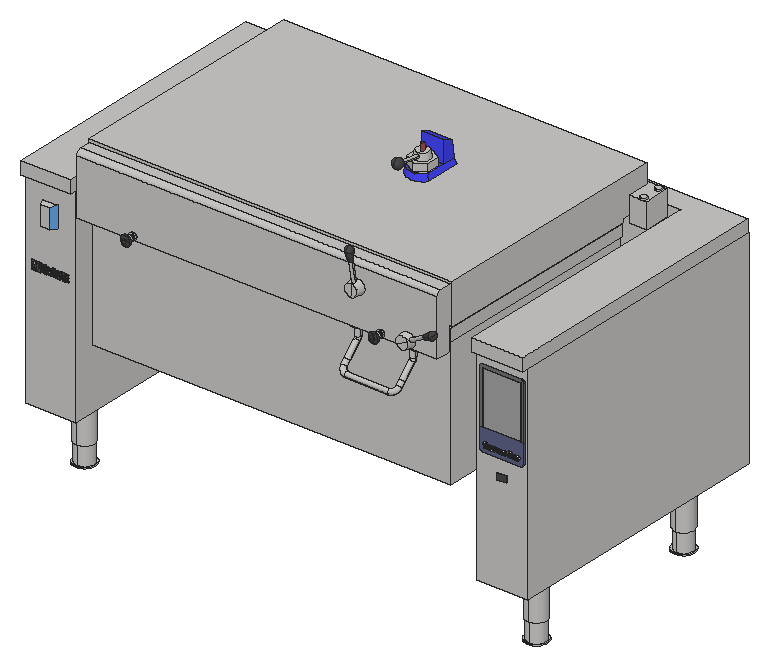
Revit family "QF_ELECTROLUXPROFESSIONAL_587144_PUET10ECIO", category Attrezzature speciali, Revit 2020 (continued)
Definition of nested family "QF_ELECTROLUXPROFESSIONAL_PUETNB900_LEFT"
  Automatic sketch dimensions
    Extrusion 4 sketch curve to Extrusion 4 sketch curve = 2.136 mm  (x2)
    Extrusion 4 sketch curve to Extrusion 4 sketch curve = 2.352 mm  (x2)
    Extrusion 4 sketch curve to Extrusion 4 sketch curve = 3.797 mm
    Extrusion 4 sketch curve to Extrusion 4 sketch curve = 1.528 mm
    Extrusion 4 sketch curve to Extrusion 4 sketch curve = 1.476 mm  (x2)
    Extrusion 4 sketch curve to Extrusion 4 sketch curve = 1.469 mm  (x2)
    Extrusion 4 sketch curve to Extrusion 4 sketch curve = 3.728 mm
    Extrusion 4 sketch curve to Extrusion 4 sketch curve = 0.046 mm
    Extrusion 4 sketch curve to Extrusion 4 sketch curve = 0.177 mm
    Extrusion 4 sketch curve to Extrusion 4 sketch curve = 0.947 mm
    Extrusion 4 sketch curve to Extrusion 4 sketch curve = 0.308 mm
    Extrusion 4 sketch curve to Extrusion 4 sketch curve = 0.091 mm
    Extrusion 4 sketch curve to Extrusion 4 sketch curve = 2.375 mm
    Extrusion 4 sketch curve to Extrusion 4 sketch curve = 0.94 mm
    Extrusion 4 sketch curve to Extrusion 4 sketch curve = 0.54 mm
    Extrusion 4 sketch curve to Extrusion 4 sketch curve = 0.102 mm
    Extrusion 4 sketch curve to Extrusion 4 sketch curve = 0.002 mm  (x4)
    Extrusion 4 sketch curve to Extrusion 4 sketch curve = 0.105 mm
    Extrusion 4 sketch curve to Extrusion 4 sketch curve = 0.097 mm
    Extrusion 4 sketch curve to plane 3 "Center (Left/Right)" = 0.241 mm
    Extrusion 4 sketch curve to plane 3 "Center (Left/Right)" = 0.412 mm
    Extrusion 4 sketch curve to plane 3 "Center (Left/Right)" = 2.074 mm
    Extrusion 4 sketch curve to Extrusion 4 sketch curve = 1.777 mm
    Extrusion 4 sketch curve to plane 3 "Center (Left/Right)" = 2.704 mm
    Extrusion 4 sketch curve to Extrusion 4 sketch curve = 1.001 mm
    Extrusion 4 sketch curve to Extrusion 4 sketch curve = 1.393 mm  (x2)
    Extrusion 4 sketch curve to Extrusion 4 sketch curve = 2.363 mm
    Extrusion 4 sketch curve to Extrusion 4 sketch curve = 2.253 mm
    Extrusion 4 sketch curve to Extrusion 4 sketch curve = 0.014 mm  (x4)
    Extrusion 4 sketch curve to Extrusion 4 sketch curve = 0.172 mm
    Extrusion 4 sketch curve to Extrusion 4 sketch curve = 0.096 mm
    Extrusion 4 sketch curve to Extrusion 4 sketch curve = 0.164 mm
    Extrusion 4 sketch curve to Extrusion 4 sketch curve = 0.298 mm
    Extrusion 4 sketch curve to Extrusion 4 sketch curve = 0.247 mm
    Extrusion 4 sketch curve to Extrusion 4 sketch curve = 0.084 mm
    Extrusion 4 sketch curve to Extrusion 4 sketch curve = 6.484 mm
    Extrusion 4 sketch curve to Extrusion 4 sketch curve = 2.596 mm
    Extrusion 4 sketch curve to Extrusion 4 sketch curve = 0.059 mm  (x2)
    Extrusion 4 sketch curve to Extrusion 4 sketch curve = 3.889 mm
    Extrusion 4 sketch curve to Extrusion 4 sketch curve = 6.029 mm
    Extrusion 4 sketch curve to Extrusion 4 sketch curve = 0.929 mm
    Extrusion 4 sketch curve to Extrusion 4 sketch curve = 1.102 mm
    Extrusion 4 sketch curve to Extrusion 4 sketch curve = 0.756 mm  (x2)
    Extrusion 4 sketch curve to Extrusion 4 sketch curve = 0.852 mm
    Extrusion 4 sketch curve to Extrusion 4 sketch curve = 0.108 mm
    Extrusion 4 sketch curve to Extrusion 4 sketch curve = 0.101 mm
    Extrusion 4 sketch curve to Extrusion 4 sketch curve = 0.072 mm
    Extrusion 4 sketch curve to Extrusion 4 sketch curve = 1.67 mm
    Extrusion 4 sketch curve to Extrusion 4 sketch curve = 1.834 mm
    Extrusion 4 sketch curve to Extrusion 4 sketch curve = 0.366 mm
    Extrusion 4 sketch curve to Extrusion 4 sketch curve = 0.993 mm
    Extrusion 4 sketch curve to Extrusion 4 sketch curve = 0.81 mm
    Extrusion 4 sketch curve to Extrusion 4 sketch curve = 1.026 mm  (x2)
    Extrusion 4 sketch curve to Extrusion 4 sketch curve = 4.272 mm
    Extrusion 4 sketch curve to Extrusion 4 sketch curve = 0.163 mm
    Extrusion 4 sketch curve to Extrusion 4 sketch curve = 0.551 mm
    plane 14 to Extrusion 4 sketch curve = 6.023 mm
    Extrusion 4 sketch curve to Extrusion 4 sketch curve = 1.451 mm
    plane 14 to Extrusion 4 sketch curve = 5.28 mm
    Extrusion 4 sketch curve to Extrusion 4 sketch curve = 0.045 mm  (x2)
    Extrusion 4 sketch curve to Extrusion 4 sketch curve = 0.241 mm
    Extrusion 4 sketch curve to Extrusion 4 sketch curve = 0.039 mm
    Extrusion 4 sketch curve to Extrusion 4 sketch curve = 1.134 mm
    Extrusion 4 sketch curve to Extrusion 4 sketch curve = 2.351 mm
    Extrusion 4 sketch curve to plane 14 = 0.874 mm
    Extrusion 4 sketch curve to Extrusion 4 sketch curve = 10.128 mm
    Extrusion 4 sketch curve to Extrusion 4 sketch curve = 0.956 mm
    Extrusion 4 sketch curve to Extrusion 4 sketch curve = 1.263 mm
    Extrusion 4 sketch curve to Extrusion 4 sketch curve = 2.577 mm
    Extrusion 4 sketch curve to Extrusion 4 sketch curve = 0.243 mm
    Extrusion 4 sketch curve to Extrusion 4 sketch curve = 0.031 mm
    Extrusion 4 sketch curve to Extrusion 4 sketch curve = 7.148 mm
    Extrusion 4 sketch curve to Extrusion 4 sketch curve = 1.502 mm
    Extrusion 4 sketch curve to Extrusion 4 sketch curve = 11.54 mm
    Extrusion 4 sketch curve to Extrusion 4 sketch curve = 11.758 mm
    Extrusion 4 sketch curve to Extrusion 4 sketch curve = 4.097 mm
    Extrusion 4 sketch curve to Extrusion 4 sketch curve = 0.011 mm
    Extrusion 4 sketch curve to Extrusion 4 sketch curve = 4.488 mm
    plane 17 "CHW" to Extrusion 4 sketch curve = 191.223 mm
    Extrusion 4 sketch curve to Extrusion 4 sketch curve = 3.444 mm  (x2)
    Extrusion 4 sketch curve to Extrusion 4 sketch curve = 3.777 mm
    Extrusion 4 sketch curve to Extrusion 4 sketch curve = 1.093 mm
    Extrusion 4 sketch curve to Extrusion 4 sketch curve = 1.192 mm
    Extrusion 4 sketch curve to Extrusion 4 sketch curve = 0.319 mm
    Extrusion 4 sketch curve to Extrusion 4 sketch curve = 5.798 mm
    Extrusion 4 sketch curve to Extrusion 4 sketch curve = 2.021 mm
    Extrusion 4 sketch curve to Extrusion 4 sketch curve = 2.357 mm  (x3)
    Extrusion 4 sketch curve to Extrusion 4 sketch curve = 0.892 mm  (x3)
    Extrusion 4 sketch curve to Extrusion 4 sketch curve = 1.018 mm
    Extrusion 4 sketch curve to Extrusion 4 sketch curve = 3.382 mm  (x2)
    Extrusion 4 sketch curve to Extrusion 4 sketch curve = 2.117 mm
    Extrusion 4 sketch curve to Extrusion 4 sketch curve = 0.195 mm  (x2)
    Extrusion 4 sketch curve to Extrusion 4 sketch curve = 0.295 mm  (x2)
    Extrusion 4 sketch curve to Extrusion 4 sketch curve = 0.618 mm
    Extrusion 4 sketch curve to Extrusion 4 sketch curve = 0.385 mm  (x2)
    Extrusion 4 sketch curve to Extrusion 4 sketch curve = 1.626 mm  (x2)
    Extrusion 4 sketch curve to Extrusion 4 sketch curve = 1.65 mm
    Extrusion 4 sketch curve to Extrusion 4 sketch curve = 1.662 mm
    Extrusion 4 sketch curve to Extrusion 4 sketch curve = 0.013 mm  (x2)
    Extrusion 4 sketch curve to Extrusion 4 sketch curve = 0.292 mm
    Extrusion 4 sketch curve to Extrusion 4 sketch curve = 0.107 mm  (x2)
    Extrusion 4 sketch curve to Extrusion 4 sketch curve = 0.068 mm  (x2)
    Extrusion 4 sketch curve to Extrusion 4 sketch curve = 0.968 mm
    Extrusion 4 sketch curve to Extrusion 4 sketch curve = 0.365 mm
    Extrusion 4 sketch curve to Extrusion 4 sketch curve = 2.361 mm
    Extrusion 4 sketch curve to Extrusion 4 sketch curve = 2.359 mm
    Extrusion 4 sketch curve to Extrusion 4 sketch curve = 0.531 mm  (x2)
    Extrusion 4 sketch curve to Extrusion 4 sketch curve = 0.928 mm  (x2)
    Extrusion 4 sketch curve to Extrusion 4 sketch curve = 1.058 mm
    Extrusion 4 sketch curve to Extrusion 4 sketch curve = 0.297 mm  (x2)
    Extrusion 4 sketch curve to Extrusion 4 sketch curve = 0.155 mm  (x2)
    Extrusion 4 sketch curve to Extrusion 4 sketch curve = 1.305 mm
    Extrusion 4 sketch curve to Extrusion 4 sketch curve = 1.037 mm
    Extrusion 4 sketch curve to Extrusion 4 sketch curve = 0.182 mm  (x2)
    Extrusion 4 sketch curve to Extrusion 4 sketch curve = 0.607 mm  (x2)
    Extrusion 4 sketch curve to Extrusion 4 sketch curve = 0.304 mm  (x2)
    Extrusion 4 sketch curve to Extrusion 4 sketch curve = 0.372 mm  (x2)
    Extrusion 4 sketch curve to Extrusion 4 sketch curve = 0.016 mm  (x2)
    Extrusion 4 sketch curve to Extrusion 4 sketch curve = 0.996 mm
    Extrusion 4 sketch curve to Extrusion 4 sketch curve = 0.93 mm
    Extrusion 4 sketch curve to Extrusion 4 sketch curve = 0.709 mm  (x2)
    Extrusion 4 sketch curve to Extrusion 4 sketch curve = 1.752 mm
    Extrusion 4 sketch curve to Extrusion 4 sketch curve = 1.017 mm
    Extrusion 4 sketch curve to Extrusion 4 sketch curve = 4.718 mm
    Extrusion 4 sketch curve to Extrusion 4 sketch curve = 0.891 mm
    Extrusion 4 sketch curve to Extrusion 4 sketch curve = 3.826 mm
    Extrusion 4 sketch curve to Extrusion 4 sketch curve = 1.696 mm
    Extrusion 4 sketch curve to Extrusion 4 sketch curve = 0.954 mm
    Extrusion 4 sketch curve to Extrusion 4 sketch curve = 5.576 mm
    Extrusion 4 sketch curve to Extrusion 4 sketch curve = 5.657 mm  (x2)
    Extrusion 4 sketch curve to Extrusion 4 sketch curve = 5.661 mm  (x2)
    Extrusion 4 sketch curve to Extrusion 4 sketch curve = 0.006 mm
    Extrusion 4 sketch curve to Extrusion 4 sketch curve = 1.499 mm
    Extrusion 4 sketch curve to Extrusion 4 sketch curve = 7.186 mm
    Extrusion 4 sketch curve to Extrusion 4 sketch curve = 2.203 mm
    Extrusion 4 sketch curve to Extrusion 4 sketch curve = 2.21 mm
    Extrusion 4 sketch curve to Extrusion 4 sketch curve = 1.607 mm
    Extrusion 4 sketch curve to Extrusion 4 sketch curve = 3.479 mm
    Extrusion 4 sketch curve to Extrusion 4 sketch curve = 3.92 mm
    Extrusion 4 sketch curve to Extrusion 4 sketch curve = 0.05 mm
    Extrusion 4 sketch curve to Extrusion 4 sketch curve = 1.776 mm
    Extrusion 4 sketch curve to Extrusion 4 sketch curve = 4.017 mm
    Extrusion 4 sketch curve to Extrusion 4 sketch curve = 0.196 mm  (x2)
    Extrusion 4 sketch curve to Extrusion 4 sketch curve = 0.19 mm
    Extrusion 4 sketch curve to Extrusion 4 sketch curve = 1.312 mm
    Extrusion 4 sketch curve to Extrusion 4 sketch curve = 0.146 mm
    Extrusion 4 sketch curve to Extrusion 4 sketch curve = 2.831 mm
    Extrusion 4 sketch curve to Extrusion 4 sketch curve = 0.387 mm
    Extrusion 4 sketch curve to Extrusion 4 sketch curve = 0.174 mm
    Extrusion 4 sketch curve to Extrusion 4 sketch curve = 4.623 mm
    Extrusion 4 sketch curve to Extrusion 4 sketch curve = 1.754 mm
    Extrusion 4 sketch curve to Extrusion 4 sketch curve = 0.188 mm
    Extrusion 4 sketch curve to Extrusion 4 sketch curve = 0.02 mm
    Extrusion 4 sketch curve to Extrusion 4 sketch curve = 0.313 mm
    Extrusion 4 sketch curve to Extrusion 4 sketch curve = 0.12 mm
    Extrusion 4 sketch curve to Extrusion 4 sketch curve = 0.062 mm
    Extrusion 4 sketch curve to Extrusion 4 sketch curve = 0.568 mm
    Extrusion 4 sketch curve to Extrusion 4 sketch curve = 1.763 mm
    Extrusion 4 sketch curve to Extrusion 4 sketch curve = 0.095 mm
    Extrusion 4 sketch curve to Extrusion 4 sketch curve = 1.817 mm
    Extrusion 4 sketch curve to Extrusion 4 sketch curve = 0.357 mm
    Extrusion 4 sketch curve to Extrusion 4 sketch curve = 0.008 mm
    Extrusion 4 sketch curve to Extrusion 4 sketch curve = 0.36 mm
    Extrusion 4 sketch curve to Extrusion 4 sketch curve = 3.784 mm
    Extrusion 4 sketch curve to Extrusion 4 sketch curve = 1.654 mm
    Extrusion 4 sketch curve to Extrusion 4 sketch curve = 1.454 mm
    Extrusion 4 sketch curve to Extrusion 4 sketch curve = 1.705 mm
    Extrusion 4 sketch curve to Extrusion 4 sketch curve = 1.893 mm
    Extrusion 4 sketch curve to Extrusion 4 sketch curve = 3.429 mm
    Extrusion 4 sketch curve to Extrusion 4 sketch curve = 1.094 mm
    Extrusion 4 sketch curve to Extrusion 4 sketch curve = 2.218 mm
    Extrusion 4 sketch curve to Extrusion 4 sketch curve = 1.404 mm
    Extrusion 4 sketch curve to Extrusion 4 sketch curve = 5.763 mm
    Extrusion 4 sketch curve to Extrusion 4 sketch curve = 2.932 mm  (x2)
    Extrusion 4 sketch curve to Extrusion 4 sketch curve = 5.959 mm
    Extrusion 4 sketch curve to Extrusion 4 sketch curve = 1.424 mm
    Extrusion 4 sketch curve to Extrusion 4 sketch curve = 3.23 mm
    Extrusion 4 sketch curve to Extrusion 4 sketch curve = 1.975 mm
    Extrusion 4 sketch curve to Extrusion 4 sketch curve = 3.779 mm
    Extrusion 4 sketch curve to Extrusion 4 sketch curve = 2.212 mm
    Extrusion 4 sketch curve to Extrusion 4 sketch curve = 3.78 mm
    Extrusion 4 sketch curve to Extrusion 4 sketch curve = 1.279 mm
    Extrusion 4 sketch curve to Extrusion 4 sketch curve = 1.343 mm  (x2)
    Extrusion 4 sketch curve to Extrusion 4 sketch curve = 1.353 mm  (x2)
    Extrusion 4 sketch curve to Extrusion 4 sketch curve = 0.027 mm  (x2)
    Extrusion 4 sketch curve to Extrusion 4 sketch curve = 0.395 mm  (x2)
    Extrusion 4 sketch curve to Extrusion 4 sketch curve = 0.329 mm  (x2)
    Extrusion 4 sketch curve to Extrusion 4 sketch curve = 0.425 mm  (x2)
    Extrusion 4 sketch curve to Extrusion 4 sketch curve = 0.051 mm  (x2)
    Extrusion 4 sketch curve to Extrusion 4 sketch curve = 0.495 mm  (x2)
    Extrusion 4 sketch curve to Extrusion 4 sketch curve = 0.267 mm  (x2)
    Extrusion 4 sketch curve to Extrusion 4 sketch curve = 1.4 mm
    Extrusion 4 sketch curve to Extrusion 4 sketch curve = 5.233 mm
    Extrusion 4 sketch curve to Extrusion 4 sketch curve = 2.062 mm
    Extrusion 5 sketch curve to plane 13 "HW_CW" = 0.0 mm  (x2)
    Extrusion 5 sketch curve to plane 15 = 0.0 mm
    Extrusion 5 sketch curve to plane 14 = 0.0 mm
    Extrusion 6 sketch curve to plane 16 "Drain_Z" = 0.0 mm
    Extrusion 6 sketch curve to plane 18 = 0.0 mm
    Extrusion 7 sketch curve to plane 3 "Center (Left/Right)" = 0.0 mm
    Extrusion 7 sketch curve to plane 19 = 0.0 mm
    radius of Extrusion 2 sketch curve = 6.35 mm  (x2)
    radius of Extrusion 4 sketch curve = 2.453 mm
    radius of Extrusion 4 sketch curve = 1.557 mm
    radius of Extrusion 4 sketch curve = 1.468 mm
    radius of Extrusion 4 sketch curve = 2.451 mm
    radius of Extrusion 5 sketch curve = 5.0 mm  (x2)
    radius of Extrusion 6 sketch curve = 7.938 mm
    radius of Extrusion 7 sketch curve = 12.7 mm
Definition of nested family "QF_ELECTROLUXPROFESSIONAL_PUETNB900_RIGHT"
  Parameters
    Width = 160.0 mm
    Steam_z = 140.0 mm
    Steam_y = 239.0 mm
    Right = Width / 2  # 80.0 mm
    Default Elevation = 0.0 mm
    Left = -Width / 2  # -80.0 mm
    Htop = 40.0 mm
    Height = 900.0 mm
    HBase = 200.0 mm
    EI_z = 250.0 mm
    EI_y = 312.0 mm
    Depth = 900.0 mm
    BorderFront = 20.0 mm
    Body Finish [instance] = none
  Reference planes
    plane 1 "Center (Front/Back)": y = 0
    plane 2: z = 0
    plane 3 "Center (Left/Right)": x = 0
    plane 4 "LEFT": x = -80
    plane 5 "RIGHT": x = 80
    plane 6 "BACK": y = 450
    plane 7 "FRONT": y = -450
    plane 8 "Base": z = 200
    plane 9 "TOP": z = 900
    plane 10 "BorderFront": y = -430
    plane 11: z = 860
    plane 12 "EI": z = 450
    plane 13: y = 138
    plane 14 "STEAM_y": y = 211
    plane 15 "Steam_z": z = 340
  Forms (mm)
    Extrusion 1, solid
      sketch origin (0, 0, 0) x (1, 0, 0) y (0, 1, 0)
        loop
          line (-80, 450) -> (-80, -430) -> (80, -430) -> (80, 450) -> (-80, 450)
      from 860 to 200
    Extrusion 2, solid
      sketch origin (0, -430, 0) x (-1, 0, 0) y (0, 0, 1)
        loop
          line (59.714, 823.989) -> (-61.821, 823.989)
          arc (-61.821, 823.989) -> (-68.892, 821.06) -> (-71.821, 813.989) r 10
          line (-71.821, 813.989) -> (-71.821, 644.744) -> (-61.821, 644.744) -> (-61.821, 813.989) -> (59.714, 813.989) -> (59.714, 644.744) -> (69.714, 644.744) -> (69.714, 813.989)
          arc (69.714, 813.989) -> (66.786, 821.06) -> (59.714, 823.989) r 10
      from 0 to -3
    Extrusion 3, solid
      sketch origin (0, -430, 0) x (-1, 0, 0) y (0, 0, 1)
        loop
          line (69.714, 585) -> (69.714, 644.744) -> (-71.821, 644.744) -> (-71.821, 585)
          arc (-71.821, 585) -> (-68.892, 577.929) -> (-61.821, 575) r 10
          line (-61.821, 575) -> (59.714, 575)
          arc (59.714, 575) -> (66.786, 577.929) -> (69.714, 585) r 10
      from -3 to 0
    Extrusion 4, solid
      sketch origin (234.714, -430, 0) x (-1, 0, 0) y (0, 0, 1)
        loop
          line (294.429, 813.989) -> (172.894, 813.989) -> (172.894, 644.744) -> (294.429, 644.744) -> (294.429, 813.989)
      from 0 to -3
    Extrusion 5, solid
      sketch origin (0, -430, 0) x (-1, 0, 0) y (0, 0, 1)
        loop
          line (15, 530) -> (-15, 530) -> (-15, 510) -> (15, 510) -> (15, 530)
      from -1.6 to 0
    Extrusion 6, solid
      sketch origin (0, 450, 0) x (-1, 0, 0) y (0, 0, 1)
        loop
          circle (0, 450) r 5
      from 0 to 2
    Extrusion 7, solid
      sketch origin (0, 0, 200) x (0, 1, 0) y (-1, 0, 0)
        loop
          circle (138, 0) r 10
      from 0 to -3
    Extrusion 8, solid
      sketch origin (0, 0, 200) x (0, 1, 0) y (-1, 0, 0)
        loop
          circle (211, 0) r 12.7
      from 0 to -3
    Extrusion 9, solid
      sketch origin (0, 450, 0) x (-1, 0, 0) y (0, 0, 1)
        loop
          circle (0, 340) r 12.7
      from 0 to 3
  Lines and regions (mm)
    symbolic lines
      curve 1: line (-80, 450, 0) -> (80, 450, 0)
      curve 2: line (80, 450, 0) -> (80, -430, 0)
  Dimensions and locks
    "Width": plane 4 "LEFT" to plane 5 "RIGHT"
    equal spacing: plane 4 "LEFT", plane 3 "Center (Left/Right)", plane 5 "RIGHT"
    equal spacing: plane 6 "BACK", plane 1 "Center (Front/Back)", plane 7 "FRONT"
    "Depth": plane 6 "BACK" to plane 7 "FRONT"
    "BorderFront": plane 10 "BorderFront" to plane 7 "FRONT"
    "Htop": plane 9 "TOP" to plane 11
    "Height": plane 9 "TOP" to level
    "HBase": plane 8 "Base" to level
    "EI_y": plane 6 "BACK" to plane 13
    "EI_z": plane 12 "EI" to plane 8 "Base"
    "Steam_y": plane 6 "BACK" to plane 14 "STEAM_y"
    plane 15 "Steam_z" to plane 8 "Base" = 140.0 mm
    aligned and locked: level to plane 2
    aligned and locked: plane 10 "BorderFront" to Extrusion 1 sketch curve
    aligned and locked: plane 11 to Extrusion 1
    aligned and locked: Extrusion 1 to plane 8 "Base"
    aligned and locked: plane 4 "LEFT" to Extrusion 1 sketch curve
    aligned and locked: Extrusion 1 sketch curve to plane 5 "RIGHT"
    aligned and locked: Extrusion 1 sketch curve to plane 6 "BACK"
  Automatic sketch dimensions
    Extrusion 2 sketch curve to plane 5 "RIGHT" = 8.179 mm
    Extrusion 2 sketch curve to Extrusion 2 sketch curve = 10.0 mm  (x2)
    Extrusion 2 sketch curve to Extrusion 2 sketch curve = 0.0 mm  (x4)
    plane 4 "LEFT" to Extrusion 2 sketch curve = 20.286 mm
    Extrusion 2 sketch curve to plane 11 = 215.256 mm
    Extrusion 2 sketch curve to plane 11 = 46.011 mm
    Extrusion 3 sketch curve to plane 5 "RIGHT" = 8.179 mm
    plane 4 "LEFT" to Extrusion 3 sketch curve = 20.286 mm
    plane 4 "LEFT" to Extrusion 3 sketch curve = 10.286 mm
    Extrusion 3 sketch curve to plane 11 = 285.0 mm
    Extrusion 3 sketch curve to Extrusion 3 sketch curve = 59.744 mm
    Extrusion 3 sketch curve to Extrusion 3 sketch curve = 10.0 mm
    plane 4 "LEFT" to Extrusion 4 sketch curve = 20.286 mm
    Extrusion 4 sketch curve to plane 11 = 46.011 mm
    Extrusion 4 sketch curve to plane 5 "RIGHT" = 18.179 mm
    Extrusion 4 sketch curve to Extrusion 4 sketch curve = 169.244 mm
    Extrusion 6 sketch curve to plane 3 "Center (Left/Right)" = 0.0 mm
    Extrusion 6 sketch curve to plane 12 "EI" = 0.0 mm
    curve 1 to plane 4 "LEFT" = 0.0 mm
    curve 1 to plane 5 "RIGHT" = 0.0 mm
    curve 2 to plane 10 "BorderFront" = 0.0 mm
    curve 1 to plane 6 "BACK" = 0.0 mm
    plane 3 "Center (Left/Right)" to Extrusion 5 sketch curve = 15.0 mm
    Extrusion 5 sketch curve to plane 3 "Center (Left/Right)" = 15.0 mm
    plane 12 "EI" to Extrusion 5 sketch curve = 60.0 mm
    Extrusion 5 sketch curve to Extrusion 5 sketch curve = 20.0 mm
    Extrusion 7 sketch curve to plane 3 "Center (Left/Right)" = 0.0 mm
    Extrusion 7 sketch curve to plane 13 = 0.0 mm
    Extrusion 8 sketch curve to plane 3 "Center (Left/Right)" = 0.0 mm
    Extrusion 8 sketch curve to plane 14 "STEAM_y" = 0.0 mm
    Extrusion 9 sketch curve to plane 3 "Center (Left/Right)" = 0.0 mm
    Extrusion 9 sketch curve to plane 15 "Steam_z" = 0.0 mm
    radius of Extrusion 6 sketch curve = 5.0 mm
    radius of Extrusion 7 sketch curve = 10.0 mm
    radius of Extrusion 8 sketch curve = 12.7 mm
    radius of Extrusion 9 sketch curve = 12.7 mm
  Nested families
    nested 1: "ELX_ThermaLine" at (-0.906, -433, 593.675) x (1, 0, 0) z (0, -1, 0), type "ELX_ThermaLine"
      with Show Logo yes, Material_Logo none
  Definition of nested family "ELX_ThermaLine"
    Parameters
      Show Logo [instance] = yes
      Material_Logo [instance] = none
      Default Elevation = 0.0 mm
    Reference planes
      plane 1 "Centro (Fronte/Retro)": y = 0
      plane 2: z = 0
      plane 3 "Centro (Sinistra/Destra)": x = 0
    Forms (mm)
      Extrusion 1, solid
        sketch origin (0, 0, 0) x (1, 0, 0) y (0, 1, 0)
          loop
            line (-1219.2, 1219.2) -> (-1219.2, -1219.2) -> (1219.2, -1219.2) -> (1219.2, 1219.2) -> (-1219.2, 1219.2)
        from 0 to -304.8
      Extrusion 2, solid
        sketch origin (0, 0, 0) x (1, 0, 0) y (0, 1, 0)
          loop
            line (-52.84, 4.345) -> (-50.793, 4.345) -> (-50.793, 6.716) -> (-52.84, 6.716) -> (-52.84, 10.788) -> (-55.901, 9.058) -> (-55.901, 6.716) -> (-57.324, 6.716) -> (-57.324, 4.345) -> (-55.901, 4.345) -> (-55.901, -1.637)
            arc (-55.901, -1.637) -> (-54.76, -4.355) -> (-51.88, -4.985) r 3.198
            line (-51.88, -4.985) -> (-50.444, -4.597) -> (-50.782, -2.189) -> (-51.765, -2.453)
            arc (-51.765, -2.453) -> (-52.506, -2.305) -> (-52.84, -1.628) r 0.854
            line (-52.84, -1.628) -> (-52.84, 4.345)
          loop
            line (-48.642, 11.198) -> (-48.642, -4.787) -> (-45.561, -4.787) -> (-45.561, 2.659)
            arc (-45.561, 2.659) -> (-44.379, 4.372) -> (-42.304, 4.523) r 2.408
            arc (-42.304, 4.523) -> (-41.484, 3.75) -> (-41.182, 2.665) r 2.099
            line (-41.182, 2.665) -> (-41.182, -4.787) -> (-38.117, -4.787) -> (-38.088, 2.166)
            arc (-38.088, 2.166) -> (-38.343, 3.963) -> (-39.021, 5.646) r 7.517
            arc (-39.021, 5.646) -> (-42.369, 6.971) -> (-45.561, 5.303) r 4.327
            line (-45.561, 5.303) -> (-45.561, 11.198) -> (-48.642, 11.198)
          loop
            arc (-28.196, 1.988) -> (-28.834, 3.893) -> (-30.683, 4.679) r 2.449
            arc (-30.683, 4.679) -> (-32.149, 3.674) -> (-32.711, 1.988) r 2.793
            line (-32.711, 1.988) -> (-28.196, 1.988)
          loop
            arc (-25.128, 0.121) -> (-26.074, 4.342) -> (-29.545, 6.923) r 6.212
            arc (-29.545, 6.923) -> (-33.021, 6.358) -> (-35.352, 3.718) r 5.232
            arc (-35.352, 3.718) -> (-35.918, 1.148) -> (-35.633, -1.468) r 8.117
            arc (-35.633, -1.468) -> (-34.524, -3.319) -> (-32.789, -4.603) r 5.523
            arc (-32.789, -4.603) -> (-28.402, -4.744) -> (-25.297, -1.641) r 5.523
            line (-25.297, -1.641) -> (-28.327, -1.106)
            arc (-28.327, -1.106) -> (-29.324, -2.396) -> (-30.951, -2.501) r 1.982
            arc (-30.951, -2.501) -> (-32.276, -1.475) -> (-32.789, 0.121) r 2.835
            line (-32.789, 0.121) -> (-25.128, 0.121)
          loop
            line (-22.733, -4.787) -> (-19.705, -4.787) -> (-19.705, 0)
            arc (-19.705, 0) -> (-19.663, 1.267) -> (-19.469, 2.521) r 10.557
            arc (-19.469, 2.521) -> (-18.189, 4.014) -> (-16.237, 3.761) r 2.069
            line (-16.237, 3.761) -> (-15.318, 6.433)
            arc (-15.318, 6.433) -> (-17.915, 6.783) -> (-19.931, 5.11) r 3.262
            line (-19.931, 5.11) -> (-19.931, 6.752) -> (-22.733, 6.752) -> (-22.733, -4.787)
          loop
            line (-14.233, 6.752) -> (-14.233, -4.787) -> (-11.135, -4.787) -> (-11.135, 1.783)
            arc (-11.135, 1.783) -> (-10.552, 3.635) -> (-8.862, 4.59) r 2.646
            arc (-8.862, 4.59) -> (-7.677, 3.931) -> (-7.234, 2.65) r 1.899
            line (-7.234, 2.65) -> (-7.234, -4.787) -> (-4.155, -4.787) -> (-4.155, 1.467)
            arc (-4.155, 1.467) -> (-3.845, 2.923) -> (-2.97, 4.128) r 3.581
            arc (-2.97, 4.128) -> (-1.581, 4.474) -> (-0.516, 3.516) r 1.525
            arc (-0.516, 3.516) -> (-0.324, 2.735) -> (-0.304, 1.931) r 3.735
            line (-0.304, 1.931) -> (-0.304, -4.787) -> (2.776, -4.787) -> (2.776, 3.096)
            arc (2.776, 3.096) -> (1.833, 5.68) -> (-0.612, 6.942) r 3.784
            arc (-0.612, 6.942) -> (-2.795, 6.596) -> (-4.513, 5.205) r 4.271
            arc (-4.513, 5.205) -> (-5.893, 6.457) -> (-7.686, 6.964) r 4.079
            arc (-7.686, 6.964) -> (-9.75, 6.555) -> (-11.39, 5.237) r 4.412
            line (-11.39, 5.237) -> (-11.39, 6.752) -> (-14.233, 6.752)
          loop
            line (5.334, 3.712) -> (8.069, 3.23)
            arc (8.069, 3.23) -> (10.312, 4.685) -> (12.137, 2.73) r 2.082
            line (12.137, 2.73) -> (8.171, 1.741)
            arc (8.171, 1.741) -> (6.593, 1.022) -> (5.378, -0.215) r 4.758
            arc (5.378, -0.215) -> (5.225, -1.991) -> (5.744, -3.697) r 4.711
            arc (5.744, -3.697) -> (7.301, -4.682) -> (9.118, -4.992) r 4.691
            arc (9.118, -4.992) -> (10.903, -4.593) -> (12.411, -3.558) r 4.818
            line (12.411, -3.558) -> (12.81, -4.787) -> (15.873, -4.787) -> (15.179, -2.652) -> (15.179, 3.25)
            arc (15.179, 3.25) -> (14.773, 5.146) -> (13.38, 6.496) r 3.336
            arc (13.38, 6.496) -> (10.765, 7.201) -> (8.091, 6.773) r 6.459
            arc (8.091, 6.773) -> (6.348, 5.57) -> (5.334, 3.712) r 4.569
          loop
            line (21.001, -4.787) -> (24.24, -4.787) -> (27.623, 11.127) -> (24.384, 11.127) -> (21.001, -4.787)
          loop
            line (27.273, -4.787) -> (30.332, -4.787) -> (32.777, 6.716) -> (29.718, 6.716) -> (27.273, -4.787)
          loop
            line (30.656, 11.127) -> (30.058, 8.314) -> (33.117, 8.314) -> (33.715, 11.127) -> (30.656, 11.127)
          loop
            line (33.431, -4.787) -> (36.649, -4.787) -> (38.261, 2.796)
            arc (38.261, 2.796) -> (39.644, 4.445) -> (41.791, 4.594) r 2.751
            arc (41.791, 4.594) -> (42.425, 3.729) -> (42.502, 2.659) r 1.936
            line (42.502, 2.659) -> (40.919, -4.787) -> (43.989, -4.787) -> (45.795, 3.712)
            arc (45.795, 3.712) -> (45.588, 5.458) -> (44.361, 6.716) r 2.734
            arc (44.361, 6.716) -> (41.222, 6.857) -> (38.516, 5.259) r 5.512
            line (38.516, 5.259) -> (38.826, 6.716) -> (35.876, 6.716) -> (33.431, -4.787)
          loop
            line (50.773, 1.934) -> (55.672, 1.934)
            arc (55.672, 1.934) -> (55.737, 2.919) -> (55.334, 3.821) r 2.051
            arc (55.334, 3.821) -> (53.773, 4.722) -> (52.024, 4.287) r 2.407
            arc (52.024, 4.287) -> (51.223, 3.203) -> (50.773, 1.934) r 4.566
          loop
            line (50.479, 0) -> (58.259, 0)
            arc (58.259, 0) -> (58.241, 3.53) -> (56.181, 6.396) r 5.8
            arc (56.181, 6.396) -> (52.577, 6.992) -> (49.395, 5.199) r 5.498
            arc (49.395, 5.199) -> (47.819, 2.372) -> (47.536, -0.853) r 7.747
            arc (47.536, -0.853) -> (48.406, -3.006) -> (50.236, -4.437) r 4.494
            arc (50.236, -4.437) -> (52.672, -4.934) -> (55.109, -4.437) r 6.224
            arc (55.109, -4.437) -> (56.76, -3.346) -> (57.916, -1.739) r 5.478
            line (57.916, -1.739) -> (55.129, -1.247)
            arc (55.129, -1.247) -> (53.897, -2.495) -> (52.149, -2.637) r 2.52
            arc (52.149, -2.637) -> (50.809, -1.638) -> (50.479, 0) r 2.336
          loop
            line (12.154, 0.755) -> (8.732, -0.098)
            arc (8.732, -0.098) -> (8.126, -1.288) -> (8.732, -2.478) r 1.471
            arc (8.732, -2.478) -> (10.437, -2.725) -> (11.827, -1.706) r 2.276
            arc (11.827, -1.706) -> (12.142, -0.496) -> (12.154, 0.755) r 5.123
        from 0 to 1.6
    Dimensions and locks
      aligned and locked: plane 2 to Extrusion 1
      aligned and locked: level to Extrusion 1
Definition of nested family "QF_ELECTROLUXPROFESSIONAL_2FEET_THL_120xH200"
  Parameters
    Width = 120.0 mm
    Right = Width / 2  # 60.0 mm
    Default Elevation = 0.0 mm
    Left = -Width / 2  # -60.0 mm
    Height = 200.0 mm
    HBase = Height - 15.0 mm  # 185.0 mm
    Depth = 880.0 mm
  Reference planes
    plane 1 "Center (Front/Back)": y = 0
    plane 2: z = 0
    plane 3 "Center (Left/Right)": x = 0
    plane 4 "LEFT": x = -60
    plane 5 "RIGHT": x = 60
    plane 6 "BACK": y = 440
    plane 7 "FRONT": y = -440
    plane 8 "Base": z = 185
    plane 9 "TOP": z = 200
    plane 10: y = 283
    plane 11: y = -304
    plane 12: y = 368
    plane 13: y = -388
    plane 14: x = -80
  Forms (mm)
    Extrusion 1, solid
      sketch origin (0, 0, 200) x (0, 1, 0) y (-1, 0, 0)
        loop
          line (368, 60) -> (-388, 60) -> (-388, -60) -> (368, -60) -> (368, 60)
      from 0 to -15
    Revolve 2, solid
      sketch origin (0, 0, 0) x (0, 1, 0) y (0, 0, 1)
        loop
          line (283, 0) -> (318, 0) -> (318, 2) -> (311.179, 2) -> (311.179, 63) -> (314.75, 63) -> (314.75, 185) -> (283, 185) -> (283, 0)
        axis (283, 185) -> (283, 0)
      angle from 0 to 360
    Revolve 3, solid
      sketch origin (0, 0, 0) x (0, 1, 0) y (0, 0, 1)
        loop
          line (-304, 185) -> (-304, 0) -> (-269, 0) -> (-269, 2) -> (-275.821, 2) -> (-275.821, 63) -> (-272.25, 63) -> (-272.25, 185) -> (-304, 185)
        axis (-304, 185) -> (-304, 0)
      angle from 0 to 360
  Dimensions and locks
    "Width": plane 4 "LEFT" to plane 5 "RIGHT"
    equal spacing: plane 4 "LEFT", plane 3 "Center (Left/Right)", plane 5 "RIGHT"
    equal spacing: plane 6 "BACK", plane 1 "Center (Front/Back)", plane 7 "FRONT"
    "Depth": plane 6 "BACK" to plane 7 "FRONT"
    "HBase": plane 8 "Base" to level
    "Height": plane 9 "TOP" to level
    locked: plane 6 "BACK" to plane 10 at 157
    locked: plane 10 to plane 11 at 587
    plane 6 "BACK" to plane 12 = 72.0 mm
    plane 13 to plane 7 "FRONT" = 52.0 mm
    plane 12 to plane 13 = 756.0 mm
    plane 14 to plane 3 "Center (Left/Right)" = 80.0 mm
    aligned and locked: level to plane 2
    aligned and locked: Extrusion 1 sketch curve to plane 5 "RIGHT"
    aligned and locked: plane 4 "LEFT" to Extrusion 1 sketch curve
    aligned and locked: Extrusion 1 to plane 8 "Base"
    aligned and locked: Extrusion 1 sketch curve to plane 12
    aligned and locked: plane 13 to Extrusion 1 sketch curve
  Automatic sketch dimensions
    Revolve 2 sketch curve to level = 0.0 mm
    Revolve 2 sketch curve to plane 10 = 0.0 mm  (x2)
    Revolve 2 sketch curve to plane 8 "Base" = 0.0 mm
    plane 10 to Revolve 2 sketch curve = 28.179 mm
    Revolve 2 sketch curve to Revolve 2 sketch curve = 31.75 mm
    Revolve 2 sketch curve to Revolve 2 sketch curve = 6.821 mm
    level to Revolve 2 sketch curve = 2.0 mm
    Revolve 2 sketch curve to Revolve 2 sketch curve = 61.0 mm
    Revolve 2 sketch curve to level = 50.0 mm
    plane 9 "TOP" to Revolve 2 sketch curve = 70.0 mm
    Revolve 3 sketch curve to plane 11 = 0.0 mm
    Revolve 3 sketch curve to level = 0.0 mm
    Revolve 3 sketch curve to plane 10 = 587.0 mm
    Revolve 3 sketch curve to plane 8 "Base" = 0.0 mm
    Revolve 3 sketch curve to plane 10 = 558.821 mm
    Revolve 3 sketch curve to Revolve 3 sketch curve = 3.571 mm
    Revolve 3 sketch curve to Revolve 3 sketch curve = 6.821 mm
    level to Revolve 3 sketch curve = 2.0 mm
    Revolve 3 sketch curve to Revolve 3 sketch curve = 61.0 mm
    Revolve 3 sketch curve to level = 180.0 mm
    plane 9 "TOP" to Revolve 3 sketch curve = 205.0 mm
Definition of nested family "QF_ELECTROLUXPROFESSIONAL_PUET900_LEVEL1"
  Parameters
    Default Elevation = 0.0 mm
    Assembly Code = ""
  Reference planes
    plane 1 "Center (Front/Back)": y = 0
    plane 2: z = 0
    plane 3 "Center (Left/Right)": x = 0
  Forms (mm)
    Extrusion 1, solid
      sketch origin (0, 3.876, 51.351) x (1, 0, 0) y (0, 0.173648, 0.984808)
        loop
          circle (0, 0) r 5
      from 23.748 to 93.473
    Revolve 2, solid
      sketch origin (0, -19.24, 55.427) x (0, 0.984808, -0.173648) y (0, 0.173648, 0.984808)
        loop
          arc (-66.103, 5) -> (-82.782, 14.784) -> (-95.246, 0) r 15
          line (-95.246, 0) -> (-70, 0) -> (-70, 5) -> (-66.103, 5)
        axis (-66.103, 0) -> (-95.246, 0)
      angle from 0 to 360
    Revolve 3, solid
      sketch origin (0, 0, 0) x (0, 1, 0) y (0, 0, 1)
        loop
          line (0, 65.171) -> (0, 45.474) -> (23.473, 45.474) -> (20, 65.171) -> (0, 65.171)
        loop
          line (31.975, 22.781) -> (0, 22.781) -> (0, 17.857) -> (32.843, 17.857) -> (31.975, 22.781)
        axis (0, 17.857) -> (0, 65.171)
      angle from 0 to 360
    Extrusion 4, solid
      sketch origin (0, 0, 0) x (1, 0, 0) y (0, 1, 0)
        loop
          line (0, 40) -> (-34.641, 20) -> (-34.641, -20) -> (0, -40) -> (34.641, -20) -> (34.641, 20) -> (0, 40)
      from 22.781 to 45.474
    Extrusion 5, solid
      sketch origin (0, 0, 0) x (1, 0, 0) y (0, 1, 0)
        loop
          circle (0, 0) r 5
      from 85 to 65.171
    Extrusion 6, solid
      sketch origin (0, 0, 0) x (0, 1, 0) y (0, 0, 1)
        loop
          line (42.157, 17.857) -> (81.637, 17.857) -> (73.878, 73.065) -> (42.157, 87.857) -> (42.157, 17.857)
      from -35 to 35
    Blend 7, solid
      base sketch origin (0, 0, 0) x (1, 0, 0) y (0, 1, 0)
        loop
          line (-35, 81.637) -> (-35, -21.011)
          arc (-35, -21.011) -> (0, -40) -> (35, -21.011) r 41.751
          line (35, -21.011) -> (35, 81.637) -> (-35, 81.637)
      top sketch origin (0, 0, 0) x (1, 0, 0) y (0, 1, 0)
        loop
          arc (-40, -22.449) -> (0, -45) -> (40, -22.449) r 46.751
          line (40, -22.449) -> (40, 86.637) -> (-40, 86.637) -> (-40, -22.449)
      from 17.857 to 0
  Cuts and joins
    joined: Extrusion 1, Revolve 3
  Lines and regions (mm)
    symbolic lines
      curve 1: circle (0, -98.471, 0) r 15 normal (0, 0, 1)
      curve 2: line (-40, 86.637, 0) -> (40, 86.637, 0)
      curve 3: line (-40, -22.449, 0) -> (-40, 86.637, 0)
      curve 4: line (40, 86.637, 0) -> (40, -22.449, 0)
      curve 5: arc (40, -22.449, 0) -> (25.109, -37.685, 0) -> (5.003, -44.731, 0) r 46.751
      curve 6: line (5.003, -37.111, 0) -> (34.641, -20, 0)
      curve 7: line (34.641, 20, 0) -> (0, 40, 0)
      curve 8: line (0, 40, 0) -> (-34.641, 20, 0)
      curve 9: line (-35, 81.637, 0) -> (-35, -19.793, 0)
      curve 10: line (35, 81.637, 0) -> (-35, 81.637, 0)
      curve 11: line (-35, 73.878, 0) -> (35, 73.878, 0)
      curve 12: line (-35, 42.157, 0) -> (35, 42.157, 0)
      curve 13: line (34.641, -20, 0) -> (34.641, 20, 0)
      curve 14: line (-35, -19.793, 0) -> (-4.999, -37.114, 0)
      curve 15: line (5.003, -21.076, 0) -> (5.003, -84.33, 0)
      curve 16: line (-4.999, -21.076, 0) -> (-4.999, -84.328, 0)
      curve 17: line (-4.999, -21.076, 0) -> (5.003, -21.076, 0)
      curve 18: circle (0, 0, 0) r 5 normal (0, 0, 1)
      curve 19: circle (0, 0, 0) r 20 normal (0, 0, 1)
      curve 20: arc (-35, -21.011, 0) -> (-22.075, -33.687, 0) -> (-4.999, -39.7, 0) r 41.751
      curve 21: arc (5.003, -22.934, 0) -> (-0.002, 23.473, 0) -> (-4.999, -22.935, 0) r 23.473
      curve 22: arc (5.003, -39.699, 0) -> (22.077, -33.686, 0) -> (35, -21.011, 0) r 41.751
      curve 23: arc (-4.999, -44.732, 0) -> (-25.107, -37.686, 0) -> (-40, -22.449, 0) r 46.751
      curve 24: line (35, 81.637, 0) -> (35, -21.011, 0)
  Dimensions and locks
    aligned and locked: level to plane 2
Definition of nested family "QF_ELECTROLUXPROFESSIONAL_PUET900_LEVEL2"
  Parameters
    Default Elevation = 0.0 mm
    Assembly Code = ""
  Reference planes
    plane 1 "Center (Front/Back)": y = 0
    plane 2: z = 0
    plane 3 "Center (Left/Right)": x = 0
  Forms (mm)
    Extrusion 1, solid
      sketch origin (0, -8.374, -4.296) x (1, 0, 0) y (0, 0.98052, 0.196417)
        loop
          circle (0, 0) r 5
      from 23.748 to 93.473
    Revolve 2, solid
      sketch origin (0, -12.985, 18.72) x (0, 0.196417, -0.98052) y (0, 0.98052, 0.196417)
        loop
          line (-70, 0) -> (-70, 6.136) -> (-101.485, 11.307)
          arc (-101.485, 11.307) -> (-109.48, 7.995) -> (-112.792, 0) r 11.307
          line (-112.792, 0) -> (-70, 0)
        axis (-70, 0) -> (-112.792, 0)
      angle from 0 to 360
    Revolve 3, solid
      sketch origin (0, 0, -45.474) x (0, 1, 0) y (0, 0, 1)
        loop
          line (-25.258, 45.474) -> (0, 45.474) -> (0, 68.947) -> (-25.258, 64.494) -> (-25.258, 45.474)
        axis (0, 45.474) -> (-25.258, 45.474)
      angle from 0 to 360
  Cuts and joins
    joined: Extrusion 1, Revolve 3
  Lines and regions (mm)
    symbolic lines
      curve 1: line (-19.019, -25.258, 0) -> (-23.473, 0, 0)
      curve 2: line (-23.473, 0, 0) -> (23.473, 0, 0)
      curve 3: line (23.473, 0, 0) -> (19.019, -25.258, 0)
      curve 4: line (19.019, -25.258, 0) -> (8.015, -25.258, 0)
      curve 5: circle (0, -32.918, 0) r 11.087 normal (0, 0, 1)
      curve 6: line (-8.015, -25.258, 0) -> (-19.019, -25.258, 0)
      curve 7: line (-4.999, -13.345, 0) -> (-4.999, -23.022, 0)
      curve 8: line (4.998, -13.345, 0) -> (4.998, -23.022, 0)
      curve 9: arc (4.998, -13.345, 0) -> (-0.001, -8.347, 0) -> (-4.999, -13.345, 0) r 4.999
  Dimensions and locks
    aligned and locked: level to plane 2
Definition of nested family "QF_ELECTROLUXPROFESSIONAL_PUET900_LEVEL3"
  Parameters
    Default Elevation = 0.0 mm
    Assembly Code = ""
  Reference planes
    plane 1 "Center (Front/Back)": y = 0
    plane 2: z = 0
    plane 3 "Center (Left/Right)": x = 0
  Forms (mm)
    Extrusion 1, solid
      sketch origin (-3.72, -8.374, -2.148) x (0.5, 0, -0.866025) y (0.170102, 0.98052, 0.098208)
        loop
          circle (0, 0) r 5
      from 23.748 to 93.473
    Revolve 2, solid
      sketch origin (16.212, -12.985, 9.36) x (-0.849156, 0.196417, -0.49026) y (0.170102, 0.98052, 0.098208)
        loop
          line (-70, 0) -> (-70, 6.136) -> (-101.485, 11.307)
          arc (-101.485, 11.307) -> (-109.48, 7.995) -> (-112.792, 0) r 11.307
          line (-112.792, 0) -> (-70, 0)
        axis (-70, 0) -> (-112.792, 0)
      angle from 0 to 360
    Revolve 3, solid
      sketch origin (-39.382, 0, -22.737) x (0, 1, 0) y (0.866025, 0, 0.5)
        loop
          line (-25.258, 45.474) -> (0, 45.474) -> (0, 68.947) -> (-25.258, 64.494) -> (-25.258, 45.474)
        axis (0, 45.474) -> (-25.258, 45.474)
      angle from 0 to 360
  Cuts and joins
    joined: Extrusion 1, Revolve 3
  Lines and regions (mm)
    symbolic lines
      curve 1: line (-19.019, -25.258, 0) -> (-23.473, 0, 0)
      curve 2: line (-23.473, 0, 0) -> (23.473, 0, 0)
      curve 3: line (23.473, 0, 0) -> (19.019, -25.258, 0)
      curve 4: line (19.019, -25.258, 0) -> (8.015, -25.258, 0)
      curve 5: circle (0, -32.918, 0) r 11.087 normal (0, 0, 1)
      curve 6: line (-8.015, -25.258, 0) -> (-19.019, -25.258, 0)
      curve 7: line (-4.999, -13.345, 0) -> (-4.999, -23.022, 0)
      curve 8: line (4.998, -13.345, 0) -> (4.998, -23.022, 0)
      curve 9: arc (4.998, -13.345, 0) -> (-0.001, -8.347, 0) -> (-4.999, -13.345, 0) r 4.999
  Dimensions and locks
    aligned and locked: level to plane 2
Definition of nested family "QF_ELECTROLUXPROFESSIONAL_PUET900_LEVEL4"
  Parameters
    Default Elevation = 0.0 mm
    Assembly Code = ""
  Reference planes
    plane 1 "Center (Front/Back)": y = 0
    plane 2: z = 0
    plane 3 "Center (Left/Right)": x = 0
    plane 4 "Plane45": through (-6096, -44.163, -88.062) normal (0, -0.7071, 0.7071)
  Forms (mm)
    Sweep 1, solid
      path origin (0, 0, 0) x (0, 1, 0) y (0, 0, 1)
        loop
          line (0, -10) -> (0, -36.443)
          arc (0, -36.443) -> (-1.37, -43.331) -> (-5.272, -49.171) r 18
          line (-5.272, -49.171) -> (-44.163, -88.062)
      profile origin (0, 0, -23.222) x (1, 0, 0) y (0, 1, 0)
        loop
          circle (-87.5, 0) r 8
    Sweep 2, solid
      path origin (175, 0, 0) x (0, 1, 0) y (0, 0, 1)
        loop
          line (0, -10) -> (0, -36.443)
          arc (0, -36.443) -> (-1.37, -43.331) -> (-5.272, -49.171) r 18
          line (-5.272, -49.171) -> (-44.163, -88.062)
      profile origin (175, 0, -23.222) x (1, 0, 0) y (0, 1, 0)
        loop
          circle (-87.5, 0) r 8
    Sweep 3, solid
      path origin (0, 21.949, -21.949) x (0, 0.707107, 0.707107) y (-1, 0, 0)
        loop
          line (-93.497, 87.5) -> (-110.497, 87.5)
          arc (-110.497, 87.5) -> (-123.225, 82.228) -> (-128.497, 69.5) r 18
          line (-128.497, 69.5) -> (-128.497, -69.5)
          arc (-128.497, -69.5) -> (-123.225, -82.228) -> (-110.497, -87.5) r 18
          line (-110.497, -87.5) -> (-93.497, -87.5)
      profile origin (-87.5, -50.173, -94.072) x (1, 0, 0) y (0, -0.707107, 0.707107)
        loop
          circle (0, 0) r 8
    Extrusion 4, solid
      sketch origin (0, 0, 0) x (1, 0, 0) y (0, 1, 0)
        loop
          arc (-87.5, -13) -> (-74.5, 0) -> (-87.5, 13) r 13
          line (-87.5, 13) -> (-99.539, 13)
          arc (-99.539, 13) -> (-112.539, 0) -> (-99.539, -13) r 13
          line (-99.539, -13) -> (-87.5, -13)
        loop
          line (87.5, -13) -> (99.539, -13)
          arc (99.539, -13) -> (112.539, 0) -> (99.539, 13) r 13
          line (99.539, 13) -> (87.5, 13)
          arc (87.5, 13) -> (74.5, 0) -> (87.5, -13) r 13
      from 0 to -10
  Cuts and joins
    joined: Sweep 1, Sweep 2, Sweep 3
  Lines and regions (mm)
    symbolic lines
      curve 1: line (-95.5, -24.6, 0) -> (-95.5, -56, 0)
      curve 2: arc (-95.5, -56, 0) -> (-89.642, -70.142, 0) -> (-75.5, -76, 0) r 20
      curve 3: line (-60.5, -60, 0) -> (75.5, -60, 0)
      curve 4: line (-75.5, -76, 0) -> (75.5, -76, 0)
      curve 5: arc (75.5, -76, 0) -> (85.747, -73.176, 0) -> (93.1, -65.5, 0) r 20
      curve 6: arc (75.5, -60, 0) -> (77.218, -59.612, 0) -> (78.603, -58.524, 0) r 4
  Dimensions and locks
    aligned and locked: level to plane 2
